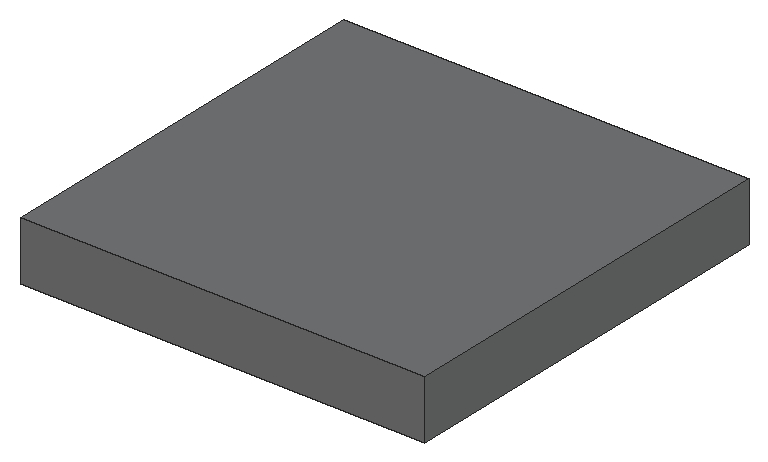
Revit family "Gira_0673005", category Electrical Fixtures, host Face, Revit 2017
Family settings
  Host = Face
  Maintain Annotation Orientation = No
  Round Connector Dimension = Use Diameter
  Part Type = Normal
  Cut with Voids When Loaded = No
  Shared = No
  Room Calculation Point = No
Parameters (values of type "Wippe Symb. Klingel + BSF System 55 Schwarz m")
  Werkstoffgüte = "Thermoplast"
  Werkstoff = "Kunststoff"
  Verwendung = "Schalter/Taster"
  URL = "http://katalog.gira.de/de_DE/datenblatt.html?artikelnr=0673005"
  Region = "DE"
  Oberfläche = "sonstige"
  Name = "Wippe Symb. Klingel + BSF System 55 Schwarz m"
  Mit austauschbarer Linse/Symbol = "No"
  Mit Beschriftungsfeld = "Yes"
  Manufacturer URL = "https://www.gira.de/"
  Kontrollfenster/Lichtauslass = "No"
  Keynote = "Sys55_Abdeckung_Schalten und Tasten"
  HeinzeBIM = "https://bimportal.heinze.de/bim/wippe-symb-klingel-bsf-system-55-schwarz-m/9786c07b48a650af3ac3390e39ed3baaefb6ad96"
  Halogenfrei = "Yes"
  HAN = "0673005"
  Geeignet für Schutzart (IP) = "IP20"
  Geeignet für Bussystem-Tasterankopplung = "No"
  GTIN = "4010337038269"
  Farbe = "schwarz"
  Default Elevation = 1219.2 mm
  Data sheet (1) = "https://katalog.gira.de/de_DE/download.html?artikelnr=0673005"
  Category = "Abdeckung/Bedienelement für Installationsschalterprogramme"
  Befestigungsart = "Klemmbefestigung"
  Available = "Yes"
  Ausführung der Oberfläche = "matt"
  Ausführung = "einteilige Wippe"
  Aufdruck/Kennzeichnung = "Symbol \"Klingel\""
  Anthrazit [instance] = Anthrazit
  Abtastbares Symbol/barrierefrei = "No"
Reference planes
  plane 1 "Center (Front/Back)": y = 0
  plane 2: z = 0
  plane 3 "Center (Left/Right)": x = 0
Forms (mm)
  Extrusion 1, solid, material "Anthrazit" <- "Anthrazit", detail levels fine
    sketch origin (0, 0, 0) x (1, 0, 0) y (0, 1, 0)
      loop
        line (-27.5, 27.5) -> (-27.5, -27.5) -> (27.5, -27.5) -> (27.5, 27.5) -> (-27.5, 27.5)
    from 0 to 8
  Extrusion 2, void
    sketch origin (0, 0, 0) x (1, 0, 0) y (0, 1, 0)
      loop
        line (26, 26) -> (-26, 26) -> (-26, -26) -> (26, -26) -> (26, 26)
    from 0 to 6
  Extrusion 3, solid, material "Anthrazit" <- "Anthrazit", detail levels medium
    sketch origin (0, 0, 0) x (1, 0, 0) y (0, 1, 0)
      loop
        line (-27.5, 27.5) -> (-27.5, -27.5) -> (27.5, -27.5) -> (27.5, 27.5) -> (-27.5, 27.5)
    from 0 to 8
  Extrusion 4, solid, material "Anthrazit" <- "Anthrazit", detail levels medium
    sketch origin (0, 0, 0) x (1, 0, 0) y (0, 1, 0)
      loop
        line (11, -17.5) -> (11, 17.5) -> (-11, 17.5) -> (-11, -17.5) -> (11, -17.5)
    from -6 to 6
  Extrusion 5, solid, material "Anthrazit" <- "Anthrazit", detail levels fine
    sketch origin (0, 0, 0) x (1, 0, 0) y (0, 1, 0)
      loop
        line (11, 17.5) -> (-11, 17.5) -> (-11, 16.5) -> (11, 16.5) -> (11, 17.5)
      loop
        line (-11, -16.5) -> (-11, -17.5) -> (11, -17.5) -> (11, -16.5) -> (-11, -16.5)
    from -4 to 6
  Extrusion 6, solid, material "Anthrazit" <- "Anthrazit", detail levels fine
    sketch origin (0, 0, 0) x (1, 0, 0) y (0, 1, 0)
      loop
        arc (5, 9.347) -> (0, 10.6) -> (-5, 9.347) r 10.6
        line (-5, 9.347) -> (-5, -9.347)
        arc (-5, -9.347) -> (0, -10.6) -> (5, -9.347) r 10.6
        line (5, -9.347) -> (5, 9.347)
    from -6 to 6
  Extrusion 7, solid, material "Anthrazit" <- "Anthrazit", detail levels coarse
    sketch origin (0, 0, 0) x (1, 0, 0) y (0, 1, 0)
      loop
        line (-27.5, 27.5) -> (-27.5, -27.5) -> (27.5, -27.5) -> (27.5, 27.5) -> (-27.5, 27.5)
    from -6 to 8
Cuts and joins
  Extrusion 2 cuts Extrusion 1
Dimensions and locks
  aligned and locked: plane 2 to host face
  aligned and locked: level to host face
